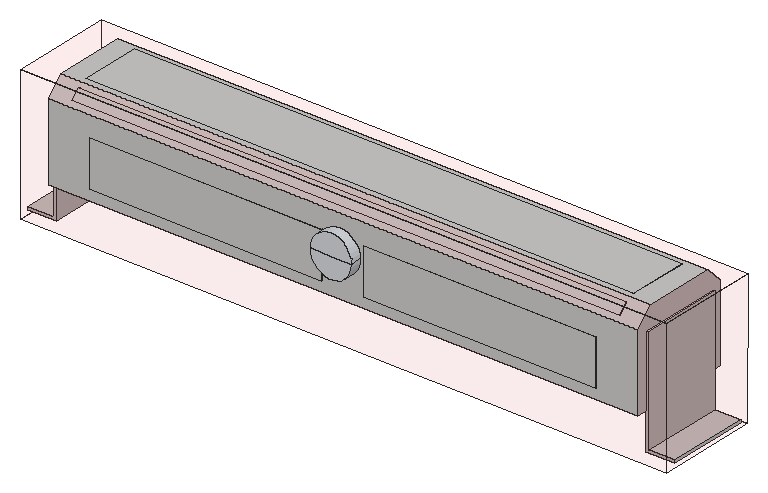
Revit family "Air-Curtain_Window-PassThru_PoweredAire_PTW", category Mechanical Equipment, host Face, Revit 2020
Family settings
  Host = Face
  Round Connector Dimension = Use Diameter
  Part Type = Normal
  OmniClass Number = 23.75.35.17.21
  OmniClass Title = Air Curtains
  Cut with Voids When Loaded = No
  Shared = No
  Room Calculation Point = No
Parameters (values of type "Elec Heat")
  Warranty Duration (Years) = 0
  Mounting Above Unit [instance] = not(Mounting Behind Unit)  # no
  Unit Width Notes = "Other Widths available."  # constant formula
  Unit Width = 2' - 7 1/4"
  Unit Weight = 21
  Unit Height = 0' - 4 15/16"
  Unit Depth = 0' - 4 1/2"
  URL = "http://www.poweredaire.com/"
  Test Data = ""
  Standards Conformance = "ETL  ;  Made in USA"
  Specification = "http://www.arcat.com/sdspecs/htm04/23_34_33pai.htm"
  SpecWizard = ""
  Sound Pressure = "50 dBA"
  Sales Information = "http://www.poweredaire.com/contact_us"
  Revision = "R1_2016-08"
  Projection from Host [instance] = 0' - 2"
  Product Properties = ""
  Product Data = "http://www.arcat.com/arcatcos/cos47/arc47623.html"
  Power Rating = 107 W
  Nozzle Width = if(1 = 1, Unit Width - 0' 1", 0' 0")  # 2' - 6 1/4"
  Mounting Width = if(1 = 1, Unit Width - 0' 0 15/16", 0' 0")  # 2' - 6 5/16"
  Mounting Height [instance] = 3' - 6"
  Mounting Behind Unit [instance] = yes
  Model = "PTW-24E"
  Max Height = 3' - 6"
  Manufacturer Website = "http://www.poweredaire.com/"
  Manufacturer Phone - Toll Free = "888-321-2473"
  Manufacturer Phone = "724-588-3305"
  Manufacturer Fax = "724-588-3371"
  Manufacturer Address = "109 Mortensen Rd.  Greenville, PA 16125"
  Manufacturer = "Powered Aire, Inc"
  Maintenance Schedule (Months) = 0
  Keynote = "23 34 33"
  Installation-Fabrication = ""
  Installation Phase = ""
  Include Clearance [instance] = yes
  Heating Element Load = 1200 W
  HVAC_Temperature Rise = 11 °F
  HVAC_Outlet Volume = 360 CFM
  HVAC_Outlet Velocity Uniformity = 0
  HVAC_Outlet Velocity = 1700 FPM
  Green Building-LEED = "http://www.arcat.com/green/clients/leed_data_47623.html"
  Front Grating Material [instance] = Metal - Steel - PoweredAire - Stainless 304 Perforated
  Frame Finish [instance] = Metal - Steel - PoweredAire - Stainless 304
  Expected Lifespan (Years) = 0
  Electrical_Wattage [instance] = Power Rating + Heating Element Load  # 1307 W
  Electrical_Voltage = 120 V
  Electrical_Phase [instance] = 1
  Electrical_Frequency [instance] = 0 Hz
  Electrical_Amperage = 11.2 A
  Drawn By = "Sumex Design, Inc. / Robert S. Weygant, CSI, CDT, SCIP"
  Description = "Powered Aire Electrically Heated PassThru Window Air Curtain - PTW-24E as Specified"
  Default Elevation = 0' - 0"  # constant formula
  Copyright = "©Arcat Inc."
  Construction Details = "http://www.arcat.com/details/powair/prod3336.html"
  Clearance_Top [instance] = 0' - 0"
  Clearance_Side B [instance] = 0' - 0"
  Clearance_Side A [instance] = 0' - 0"
  Clearance_Intake [instance] = 0' - 0"
  Clearance_Bottom [instance] = 0' - 0"
  Clearance Material [instance] = ARCAT Clearance
  Building Codes = ""
  Available Options [instance] = "as Specified"
  Assembly Code = "D3090400"
Types (2): name | Unit Width | Unit Weight | Nozzle Width | Mounting Width | Model | Heating Element Load | HVAC_Temperature Rise | Electrical_Wattage | Electrical_Amperage | Description
  Elec Heat | 2' - 7 1/4" | 21 | 2' - 6 1/4" | 2' - 6 5/16" | "PTW-24E" | 1200 W | 11 °F | 1307 W | 11.2 A | "Powered Aire Electrically Heated PassThru Window Air Curtain - PTW-24E as Specified"
  Unheated | 2' - 5 1/4" | 13 | 2' - 4 1/4" | 2' - 4 5/16" | "PTW-24" | 0 W | 0 °F | 107 W | 1.7 A | "Powered Aire Unheated PassThru Window Air Curtain - PTW-24 as Specified"
Reference planes (in)
  plane 1 "Center (Elevation)": y = 0.13818
  plane 2: z = 0
  plane 3 "Center (Left/Right)": x = 0
  plane 4: y = 2.60693
  plane 5: y = -2.33057
  plane 6: x = -15.625
  plane 7: x = 15.625
  plane 8: z = 6.5
  plane 9 "FF": y = -41.86182
  plane 10: z = 2
  plane 11: x = 14.25
  plane 12: x = -14.25
  plane 13: y = 2.60693
  plane 14: y = -2.33057
  plane 15: x = -15.625
  plane 16: x = 15.625
  plane 17: z = 6.5
  plane 18: z = 4.25
Forms (in)
  Extrusion 1, solid, material "ARCAT Clearance" <- "Clearance Material", visible <- "Include Clearance"
    sketch origin (0, 0, 0) x (0, 1, 0) y (0, 0, 1)
      loop
        line (-2.33057, 6.5) -> (-2.33057, 0) -> (2.60693, 0) -> (2.60693, 6.5) -> (-2.33057, 6.5)
    from -15.625 to 15.625
  Extrusion 2, solid, material "Metal - Steel - PoweredAire - Stainless 304" <- "Frame Finish"
    sketch origin (0, 0, 0) x (0, 1, 0) y (0, 0, 1)
      loop
        line (-2.33057, 2) -> (2.60693, 2) -> (2.60693, 5.75) -> (1.85693, 6.5) -> (-1.58057, 6.5) -> (-2.33057, 5.75) -> (-2.33057, 2)
    from -14.25 to 14.25
  Extrusion 3, solid, material "Metal - Steel - PoweredAire - Stainless 304" <- "Frame Finish", visible <- "Mounting Behind Unit"
    sketch origin (0, 0.13818, 0) x (1, 0, 0) y (0, 0, 1)
      loop
        line (-14.25, 5.5) -> (-14.375, 5.5) -> (-14.375, 0.375) -> (-15.625, 0.375) -> (-15.625, 0.25) -> (-14.25, 0.25) -> (-14.25, 5.5)
      loop
        line (14.25, 5.5) -> (14.25, 0.25) -> (15.625, 0.25) -> (15.625, 0.375) -> (14.375, 0.375) -> (14.375, 5.5) -> (14.25, 5.5)
    from 2 to -2
  Extrusion 4, solid, material "Metal - Steel - PoweredAire - Stainless 304" <- "Frame Finish", visible <- "Mounting Above Unit"
    sketch origin (0, 4.38818, 4.23682) x (0, -1, 0) y (1, 0, 0)
      loop
        line (5.5, -14.25) -> (0.25, -14.25) -> (0.25, -15.625) -> (0.375, -15.625) -> (0.375, -14.375) -> (5.5, -14.375) -> (5.5, -14.25)
      loop
        line (5.5, 14.25) -> (5.5, 14.375) -> (0.375, 14.375) -> (0.375, 15.625) -> (0.25, 15.625) -> (0.25, 14.25) -> (5.5, 14.25)
    from 2 to -2
  Extrusion 5, solid, material "Metal - Steel - PoweredAire - Stainless 304 Perforated" <- "Front Grating Material"
    sketch origin (0, 1.60693, 6.5) x (0, -1, 0) y (1, 0, 0)
      loop
        line (2.9375, 13.25) -> (0, 13.25) -> (0, -13.25) -> (2.9375, -13.25) -> (2.9375, 13.25)
    from 0 to 0.03125
  Extrusion 6, solid, material "Metal - Steel - PoweredAire - Stainless 304 Perforated" <- "Front Grating Material"
    sketch origin (0, 2.98193, 5.375) x (0, -0.707107, 0.707107) y (1, 0, 0)
      loop
        line (0.78033, -13.25) -> (1.34099, -13.25) -> (1.34099, 13.25) -> (0.78033, 13.25) -> (0.78033, -13.25)
    from 0 to 0.03125
  Extrusion 7, solid, material "Metal - Steel - PoweredAire - Stainless 304 Perforated" <- "Front Grating Material"
    sketch origin (0, -2.64307, 5.4375) x (0, 0.707107, 0.707107) y (-1, 0, 0)
      loop
        line (1.2526, 13.25) -> (0.69194, 13.25) -> (0.69194, -13.25) -> (1.2526, -13.25) -> (1.2526, 13.25)
    from 0 to 0.03125
  Extrusion 8, solid, material "Metal - Steel - PoweredAire - Stainless 304 Perforated" <- "Front Grating Material"
    sketch origin (0, -2.33057, 2) x (0, 0, 1) y (-1, 0, 0)
      loop
        line (2.75, 12.25) -> (0.5, 12.25) -> (0.5, 1) -> (2.75, 1) -> (2.75, 12.25)
      loop
        line (0.5, -12.25) -> (2.75, -12.25) -> (2.75, -1) -> (0.5, -1) -> (0.5, -12.25)
    from 0 to 0.03125
  Revolve 9, solid
    sketch origin (0, -3.61244, 4.25) x (0, -1, 0) y (1, 0, 0)
      loop
        line (-1.28187, 0) -> (-1.28187, -0.25) -> (-1.04725, -0.25) -> (-1.04725, -1) -> (-0.53187, -1) -> (-0.53187, 0) -> (-1.28187, 0)
      axis (-1.28187, 0) -> (-0.53187, 0)
    angle from 0 to 360
Dimensions and locks (in)
  equal spacing: plane 4, plane 1 "Center (Elevation)", plane 5
  "Unit Height": plane 4 to plane 5
  equal spacing: plane 6, plane 3 "Center (Left/Right)", plane 7
  "Unit Width": plane 6 to plane 7
  "Mounting Height": plane 1 "Center (Elevation)" to plane 9 "FF"
  "Projection from Host": plane 10 to level
  "Unit Depth": plane 8 to plane 10
  locked: plane 6 to plane 12 at 1.375
  locked: plane 11 to plane 7 at 1.375
  "Clearance_Side A": plane 7 to plane 16
  "Clearance_Side B": plane 15 to plane 6
  "Clearance_Top": plane 13 to plane 4
  "Clearance_Bottom": plane 5 to plane 14
  "Clearance_Intake": plane 17 to plane 8
  Extrusion 4 sketch curve to Extrusion 4 sketch curve to Extrusion 4 sketch curve to plane 5 = 0' - 0 1/8" locked, 0' - 5 1/8" locked, 0' - 1 7/32" locked  (x2)
  plane 8 to Extrusion 3 sketch curve to Extrusion 3 sketch curve to Extrusion 3 sketch curve = 0' - 1" locked, 0' - 5 1/8" locked, 0' - 0 1/8" locked  (x2)
  plane 12 to Extrusion 3 sketch curve to Extrusion 3 sketch curve to Extrusion 3 sketch curve = 0' - 0" locked, 0' - 0 1/8" locked, 0' - 1 1/4" locked
  Extrusion 3 sketch curve to Extrusion 3 sketch curve to plane 11 to Extrusion 3 sketch curve = 0' - 1 1/4" locked, 0' - 0 1/8" locked, 0' - 0" locked
  plane 11 to Extrusion 4 sketch curve to Extrusion 4 sketch curve to Extrusion 4 sketch curve = 0' - 0" locked, 0' - 0 1/8" locked, 0' - 1 1/4" locked
  Extrusion 4 sketch curve to Extrusion 4 sketch curve to plane 12 to Extrusion 4 sketch curve = 0' - 1 1/4" locked, 0' - 0 1/8" locked, 0' - 0" locked
  locked: plane 3 "Center (Left/Right)" to Extrusion 8 sketch curve at 1
  locked: Extrusion 8 sketch curve to plane 3 "Center (Left/Right)" at 1
  locked: Extrusion 8 sketch curve to plane 12 at 2
  locked: plane 11 to Extrusion 8 sketch curve at 2
  equal spacing: plane 8, plane 18, plane 10
  aligned and locked: plane 2 to host face
  aligned and locked: level to host face
  aligned and locked: Extrusion 1 sketch curve to plane 17
  aligned and locked: plane 14 to Extrusion 1 sketch curve
  aligned and locked: level to Extrusion 1 sketch curve
  aligned and locked: Extrusion 1 sketch curve to plane 13
  aligned and locked: plane 16 to Extrusion 1
  aligned and locked: Extrusion 1 to plane 15
  aligned and locked: Extrusion 2 to plane 12
  aligned and locked: plane 11 to Extrusion 2
Automatic sketch dimensions
  host sketch curve to host sketch curve = 8' - 0"  (x2)
  Extrusion 2 sketch curve to plane 5 = 0' - 0"
  Extrusion 2 sketch curve to plane 8 = 0' - 0"
  Extrusion 2 sketch curve to plane 4 = 0' - 0"
  Extrusion 2 sketch curve to plane 10 = 0' - 0"
  plane 5 to Extrusion 2 sketch curve = 0' - 0 3/4"
  Extrusion 2 sketch curve to plane 4 = 0' - 0 3/4"
  Extrusion 2 sketch curve to plane 8 = 0' - 0 3/4"  (x2)
  Extrusion 2 to Extrusion 5 sketch curve = 0' - 1"  (x2)
  Extrusion 2 to Extrusion 5 sketch curve = 0' - 0 1/4"
  Extrusion 5 sketch curve to Extrusion 2 = 0' - 0 1/4"
  Extrusion 2 to Extrusion 6 sketch curve = 0' - 1"  (x2)
  Extrusion 2 to Extrusion 6 sketch curve = 0' - 0 1/4"
  Extrusion 6 sketch curve to Extrusion 2 = 0' - 0 1/4"
  Extrusion 2 to Extrusion 7 sketch curve = 0' - 1"  (x2)
  Extrusion 2 to Extrusion 7 sketch curve = 0' - 0 1/4"  (x2)
  Extrusion 8 sketch curve to Extrusion 2 = 0' - 0 1/2"  (x2)
  Extrusion 8 sketch curve to Extrusion 2 = 0' - 1"  (x2)
  Revolve 9 sketch curve to plane 3 "Center (Left/Right)" = 0' - 0"  (x2)
  Revolve 9 sketch curve to plane 5 = 0' - 0"
  Revolve 9 sketch curve to plane 5 = 0' - 0.23461"
  Revolve 9 sketch curve to Revolve 9 sketch curve = 0' - 0.51539"
  Revolve 9 sketch curve to Revolve 9 sketch curve = 0' - 0 1/4"
  Revolve 9 sketch curve to Revolve 9 sketch curve = 0' - 0 3/4"
  plane 1 "Center (Elevation)" to Revolve 9 sketch curve = 0' - 0 7/32"
  plane 14 to Revolve 9 sketch curve = 0' - 0 1/2"
